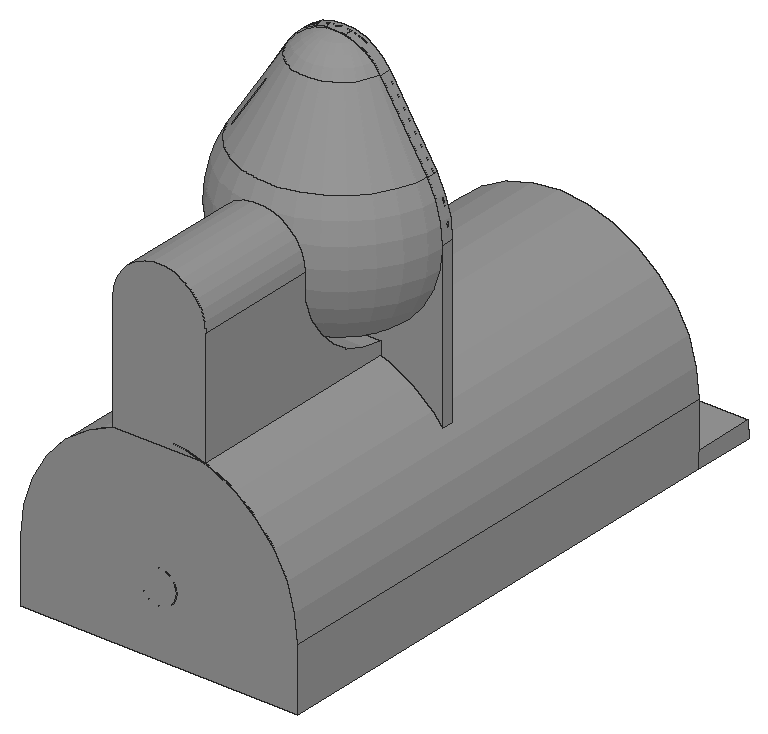
Revit family "Combination-Willoughby-ECF-1806-C-ON", category Plumbing Fixtures, Revit 2015
Parameters (values of type "Standard")
  Waste DIA = 2 3/8"
  Waste Connection = yes
  W-RAD [instance] = Waste DIA / 2  # 0' - 1 3/16"
  Vent Connection = no
  URL = "https://www.willoughby-ind.com/wp-content/uploads/2017/12/1806.pdf"
  Revision = "A"
  Model = "ECF-1806-C-ON"
  Manufacturer = "Willoughby Industries"
  Lav Waste DIA = 1 1/2"
  Lav Waste Connection = yes
  L-RAD [instance] = Lav Waste DIA / 2  # 0' - 0 3/4"
  HW Connection = no
  Flush inlet DIA = 1 1/2"
  Flush Inlet Connection = yes
  Fixture Body = Stainless Steel AISI 304-Willoughby
  F-RAD [instance] = Flush inlet DIA / 2  # 0' - 0 3/4"
  Description = "1806 Combination Unit, Wall toilet waste outlet, Center toilet, On Floor mounted, 1.28 GPM"
  Default Elevation = 0' - 0"
  Contact Number = "(800) 428-4065"
  CW Connection = no
Reference planes (in)
  plane 1 "Center (Front/Back)": y = -16.25
  plane 2: z = 0
  plane 3 "Center (Left/Right)": x = 0
  plane 4 "Base": y = -16.25
  plane 5 "Rim hight": y = -1.5
  plane 6 "Seat height": y = -1.25
  plane 7: y = 20.25
  plane 8 "Waste offset": x = 0
  plane 9 "Waste Hieght": y = -4.75
  plane 10 "Lwaste ht": y = 8
  plane 11 "flush inlet HT": y = 4.25
  plane 12 "Left Sweep": through (12.20051, 0, 16.45051) normal (0.7071, 0, -0.7071)
  plane 13 "Right Sweep": through (-12.20051, 0, 16.45051) normal (0.7071, 0, 0.7071)
  plane 14: through (-55.90549, 0, 60.15549) normal (-0.7071, 0, -0.7071)
  plane 15: x = 6.375
  plane 16: x = 9
  plane 17: z = 4.25
Forms (in)
  Extrusion 1, solid, material "Stainless Steel AISI 304-Willoughby" <- "Fixture Body"
    sketch origin (0, 10.5, -0.375) x (1, 0, 0) y (0, 0, 1)
      loop
        line (6.0079, 24.25317) -> (2.96593, 29.1083)
        arc (2.96593, 29.1083) -> (0, 30.75) -> (-2.96593, 29.1083) r 3.5
        line (-2.96593, 29.1083) -> (-6.0079, 24.25317)
        arc (-6.0079, 24.25317) -> (-6.74742, 22.52422) -> (-7, 20.6608) r 7
        line (-7, 20.6608) -> (-7, 10.11119)
        arc (-7, 10.11119) -> (0.01742, 13.41876) -> (7, 10.03826) r 8.99862
        line (7, 10.03826) -> (7, 20.6608)
        arc (7, 20.6608) -> (6.74742, 22.52422) -> (6.0079, 24.25317) r 7
      loop
        line (4.24214, 22.50332) -> (1.839, 28.03617)
        arc (1.839, 28.03617) -> (0, 29.25) -> (-1.839, 28.03617) r 2
        line (-1.839, 28.03617) -> (-4.24214, 22.50332)
        arc (-4.24214, 22.50332) -> (0, 16.0358) -> (4.24214, 22.50332) r 4.625
    from 11.75 to 12.5
  Revolve 2, solid, material "Stainless Steel AISI 304-Willoughby" <- "Fixture Body"
    sketch origin (0, -1.5, -0.375) x (1, 0, 0) y (0, 0, 1)
      loop
        arc (0, 13.6608) -> (6.08879, 17.20729) -> (6.0079, 24.25317) r 7
        line (6.0079, 24.25317) -> (2.96593, 29.1083)
        arc (2.96593, 29.1083) -> (1.69499, 30.31219) -> (0, 30.75) r 3.5
        line (0, 30.75) -> (0, 30.5)
        arc (0, 30.5) -> (1.57353, 30.09368) -> (2.75361, 28.97631) r 3.25
        line (2.75361, 28.97631) -> (5.71903, 24.24621)
        arc (5.71903, 24.24621) -> (5.9061, 17.39269) -> (0, 13.9108) r 6.75
        line (0, 13.9108) -> (0, 13.6608)
      axis (0, 13.6608) -> (0, 30.75)
    angle from 0 to -180
  Extrusion 3, solid, material "Stainless Steel AISI 304-Willoughby" <- "Fixture Body"
    sketch origin (0, -16.25, 0) x (1, 0, 0) y (0, 0, 1)
      loop
        line (9, 0) -> (9, 1.0625) -> (-9, 1.0625) -> (-9, 0) -> (9, 0)
    from -36.5 to -32.5
  Extrusion 4, solid, material "Stainless Steel AISI 304-Willoughby" <- "Fixture Body", detail levels fine
    sketch origin (0, 0, 0) x (1, 0, 0) y (0, 1, 0)
      loop
        circle (6.375, 4.25) r 0.75
    from 0 to 1
  Extrusion 5, solid, material "Stainless Steel AISI 304-Willoughby" <- "Fixture Body"
    sketch origin (-77.55739, -16.25, -24.30859) x (1, 0, 0) y (0, 0, 1)
      loop
        line (86.55739, 24.30859) -> (86.55739, 28.33218)
        arc (86.55739, 28.33218) -> (77.55739, 37.33218) -> (68.55739, 28.33218) r 9
        line (68.55739, 28.33218) -> (68.55739, 24.30859) -> (86.55739, 24.30859)
    from -32.5 to 0
  Revolve 6, void
    sketch origin (-0.04219, 16.25, -0.04963) x (1, 0, 0) y (0, 0, 1)
      loop
        spline (6.44903, 7.42683) -> (6.2318, 8.59152) -> (5.59494, 9.67683) -> (4.58183, 10.60881) -> (3.26153, 11.32395) -> (1.724, 11.7735) -> (0.07403, 11.92683) -> (-1.57595, 11.7735) -> (-3.11347, 11.32395) -> (-4.43378, 10.60881) -> (-5.44689, 9.67683) -> (-6.08375, 8.59152) -> (-6.30097, 7.42683)
        line (-6.30097, 7.42683) -> (6.44903, 7.42683)
      axis (6.44903, 7.42683) -> (-6.30097, 7.42683)
    angle from 0 to -180
  Extrusion 7, solid, material "Stainless Steel AISI 304-Willoughby" <- "Fixture Body"
    sketch origin (-22.09287, -16.25, -29.80277) x (1, 0, 0) y (0, 0, 1)
      loop
        line (25.09287, 42.31164) -> (25.09287, 49.81164)
        arc (25.09287, 49.81164) -> (22.09287, 52.81164) -> (19.09287, 49.81164) r 3
        line (19.09287, 49.81164) -> (19.09287, 42.31164) -> (25.09287, 42.31164)
    from 0 to -8.02482
  Extrusion 8, solid, material "Stainless Steel AISI 304-Willoughby" <- "Fixture Body"
    sketch origin (0, 0, -0.375) x (0, 1, 0) y (0, 0, 1)
      loop
        line (-8.22518, 12.88387) -> (-2, 12.88387) -> (-2, 13.71556)
        arc (-2, 13.71556) -> (-5.92416, 15.25184) -> (-8.22518, 18.78235) r 6.90673
        line (-8.22518, 18.78235) -> (-8.22518, 12.88387)
    from -3 to 3
  Revolve 9, solid, material "Stainless Steel AISI 304-Willoughby" <- "Fixture Body"
    sketch origin (0, 0, 0) x (0, 1, 0) y (0, 0, 1)
      loop
        line (-16.24302, 4.25) -> (-14.75, 4.25) -> (-14.75, 5.375) -> (-16.24302, 5.375) -> (-16.24302, 4.25)
      axis (-14.75, 4.25) -> (-16.24302, 4.25)
    angle from 0 to -360
  Revolve 10, solid
    sketch origin (0, 0, 0) x (0, 1, 0) y (0, 0, 1)
      loop
        line (8, 0) -> (8, -3) -> (8.75, -3) -> (8.75, 0) -> (8, 0)
      axis (8, 0) -> (8, -3)
    angle from 0 to -360
Cuts and joins
  Revolve 6 cuts Extrusion 5
  joined: Extrusion 7, Extrusion 8
Lines and regions (in)
  model lines, detail levels coarse+medium
    curve 1: line (-9, -16.25, 4.02359) -> (-9, -16.25, 0)
    curve 2: line (-9, -16.25, 0) -> (9, -16.25, 0)
    curve 3: line (9, -16.25, 0) -> (9, -16.25, 4.02359)
  symbolic lines
    curve 4: line (-9, -16.25, 0) -> (9, -16.25, 0)
    curve 5: line (9, -16.25, 0) -> (9, -16.25, 1.0625)
    curve 6: line (9, -16.25, 1.0625) -> (9, -16.25, 4.02359)
    curve 7: arc (9, -16.25, 4.02359) -> (0, -16.25, 13.02359) -> (-9, -16.25, 4.02359) r 9
    curve 8: line (-9, -16.25, 4.02359) -> (-9, -16.25, 1.0625)
    curve 9: line (-9, -16.25, 1.0625) -> (-9, -16.25, 0)
    curve 14: line (-7, -16.25, 9.68045) -> (-7, -16.25, 20.2858)
    curve 15: line (7, -16.25, 9.68045) -> (7, -16.25, 20.2858)
    curve 16: arc (7, -16.25, 20.2858) -> (6.74742, -16.25, 22.14922) -> (6.0079, -16.25, 23.87817) r 7
    curve 17: line (6.0079, -16.25, 23.87817) -> (2.96593, -16.25, 28.7333)
    curve 18: arc (2.96593, -16.25, 28.7333) -> (1.69499, -16.25, 29.93719) -> (0, -16.25, 30.375) r 3.5
    curve 19: arc (0, -16.25, 30.375) -> (-1.69499, -16.25, 29.93719) -> (-2.96593, -16.25, 28.7333) r 3.5
    curve 20: line (-2.96593, -16.25, 28.7333) -> (-5.93085, -16.25, 24.004)
    curve 21: arc (-5.93085, -16.25, 24.004) -> (-6.7274, -16.25, 22.22023) -> (-7, -16.25, 20.2858) r 7
    curve 26: line (0, -16.25, 0) -> (0, 20.25, 0)
    curve 27: line (0, 20.25, 0) -> (0, 20.25, 1.0625)
    curve 28: line (0, 20.25, 1.0625) -> (0, 16.25, 1.0625)
    curve 29: line (0, 16.25, 1.0625) -> (0, 16.25, 13.02359)
    curve 30: line (0, 16.25, 13.02359) -> (0, -16.25, 13.02359)
    curve 31: line (0, -16.25, 13.02359) -> (0, -16.25, 0)
    curve 32: line (0, -2, 13.32164) -> (0, -2, 9.73619)
    curve 33: line (0, -2, 9.73619) -> (0, -1.25, 9.73619)
    curve 34: line (0, -1.25, 9.73619) -> (0, -1.25, 30.375)
    curve 35: line (0, -1.25, 30.375) -> (0, -2, 30.375)
    curve 36: arc (0, -2, 30.375) -> (0, -3.227, 29.90101) -> (0, -4.22155, 29.04016) r 3.83367
    curve 37: line (0, -4.22155, 29.04016) -> (0, -7.5079, 23.87817)
    curve 38: arc (0, -7.5079, 23.87817) -> (0, -8.00701, 22.85106) -> (0, -8.33921, 21.75848) r 7.27316
    curve 39: line (0, -8.33921, 21.75848) -> (0, -16.25, 21.75848)
    curve 40: line (0, -16.25, 21.75848) -> (0, -16.25, 13.02359)
    curve 41: arc (0, -2, 13.32164) -> (0, -6.49123, 15.35022) -> (0, -8.36184, 19.90951) r 6.66639
    curve 42: arc (0, -8.36184, 19.90951) -> (0, -8.39897, 20.83826) -> (0, -8.36184, 21.76701) r 11.63258
    curve 43: line (-9, -16.25, 0) -> (-9, 20.25, 0)
    curve 44: line (-9, 20.25, 0) -> (9, 20.25, 0)
    curve 45: line (9, 20.25, 0) -> (9, -16.25, 0)
    curve 46: line (9, -16.25, 0) -> (-9, -16.25, 0)
    curve 47: line (-9, 16.25, 0) -> (9, 16.25, 0)
    curve 48: line (-7, -2, 0) -> (-7, -1.25, 0)
    curve 49: line (-7, -1.25, 0) -> (7, -1.25, 0)
    curve 50: line (7, -1.25, 0) -> (7, -2, 0)
    curve 51: arc (7, -2, 0) -> (4.76927, -6.62493, 0) -> (0, -8.52761, 0) r 7.08346
    curve 52: arc (0, -8.52761, 0) -> (-4.76851, -6.62412, 0) -> (-7, -2, 0) r 7.08658
    curve 53: line (1.5, -8.35359, 0) -> (1.5, -16.25, 0)
    curve 54: line (-1.5, -16.25, 0) -> (-1.5, -8.35304, 0)
  symbolic lines, detail levels medium+fine
    curve 10: line (-9, -16.25, 1.0625) -> (9, -16.25, 1.0625)
  symbolic lines, detail levels fine
    curve 11: spline (6.40684, -16.25, 7.3772) -> (6.18962, -16.25, 6.21252) -> (5.55275, -16.25, 5.1272) -> (4.53965, -16.25, 4.19522) -> (3.21934, -16.25, 3.48009) -> (1.68181, -16.25, 3.03054) -> (0.03184, -16.25, 2.8772) -> (-1.61813, -16.25, 3.03054) -> (-3.15566, -16.25, 3.48009) -> (-4.47597, -16.25, 4.19522) -> (-5.48907, -16.25, 5.1272) -> (-6.12594, -16.25, 6.21252) -> (-6.34316, -16.25, 7.3772)
    curve 12: spline (-6.34316, -16.25, 7.3772) -> (-6.12594, -16.25, 8.54189) -> (-5.48907, -16.25, 9.6272) -> (-4.47597, -16.25, 10.55918) -> (-3.15566, -16.25, 11.27432) -> (-1.61813, -16.25, 11.72387) -> (0.03184, -16.25, 11.8772) -> (1.68181, -16.25, 11.72387) -> (3.21934, -16.25, 11.27432) -> (4.53965, -16.25, 10.55918) -> (5.55275, -16.25, 9.6272) -> (6.18962, -16.25, 8.54189) -> (6.40684, -16.25, 7.3772)
    curve 13: arc (4.24215, -16.25, 22.1283) -> (-0.00001, -16.25, 15.6608) -> (-4.24214, -16.25, 22.12832) r 4.625
    curve 22: arc (1.83444, -16.25, 27.67176) -> (1.09692, -16.25, 28.54735) -> (0, -16.25, 28.875) r 2
    curve 23: arc (0, -16.25, 28.875) -> (-1.10174, -16.25, 28.54418) -> (-1.839, -16.25, 27.66117) r 2
    curve 24: line (-1.839, -16.25, 27.66117) -> (-4.24214, -16.25, 22.12832)
    curve 25: line (4.24215, -16.25, 22.1283) -> (1.83444, -16.25, 27.67176)
Dimensions and locks (in)
  locked: Extrusion 1 to Extrusion 1 at 0.75
  locked: plane 6 "Seat height" to plane 5 "Rim hight" at 0.25
  plane 6 "Seat height" to plane 4 "Base" = 1' - 3"  (x2)
  plane 10 "Lwaste ht" to plane 4 "Base" = 2' - 0 1/4"
  plane 11 "flush inlet HT" to plane 4 "Base" = 1' - 8 1/2"
  plane 15 to plane 16 = 0' - 2 5/8"
  locked: cut or joined group of Extrusion 5, Revolve 6 to cut or joined group of Extrusion 5, Revolve 6 at 18
  plane 9 "Waste Hieght" to plane 1 "Center (Front/Back)" = 0' - 11 1/2"
  plane 11 "flush inlet HT" to plane 1 "Center (Front/Back)" = 1' - 8 1/2"
  plane 10 "Lwaste ht" to plane 1 "Center (Front/Back)" = 2' - 0 1/4"
  plane 3 "Center (Left/Right)" to plane 16 = 0' - 9"
  cut or joined group of Extrusion 5, Revolve 6 to plane 4 "Base" = 2' - 8 1/2"
  plane 4 "Base" to plane 7 = 3' - 0 1/2"
  Extrusion 3 to Extrusion 3 = 1' - 6"
  "F-RAD": radius of Extrusion 4 sketch curve
  radius of cut or joined group of Extrusion 5, Revolve 6 = 0' - 9"
  aligned and locked: Revolve 2 to plane 5 "Rim hight"
  aligned and locked: Extrusion 1 to plane 6 "Seat height"
  aligned and locked: Extrusion 3 to plane 7
  aligned and locked: plane 11 "flush inlet HT" to Extrusion 4 sketch curve
  aligned and locked: Revolve 6 sketch curve to Revolve 6 sketch curve
  aligned and locked: plane 15 to Extrusion 4 sketch curve
  aligned and locked: curve 1 to cut or joined group of Extrusion 5, Revolve 6
  aligned and locked: curve 3 to cut or joined group of Extrusion 5, Revolve 6
  aligned and locked: Extrusion 3 to cut or joined group of Extrusion 5, Revolve 6
  aligned and locked: Extrusion 3 to level
  aligned and locked: Extrusion 5 to level
  aligned and locked: Extrusion 5 to Extrusion 3
  aligned and locked: Extrusion 5 to plane 16
  aligned and locked: cut or joined group of Extrusion 5, Revolve 6 to Extrusion 3
  aligned and locked: Revolve 9 sketch curve to Revolve 9 sketch curve  (x2)
  aligned and locked: Extrusion 7 to Extrusion 8
  aligned and locked: Extrusion 8 to Extrusion 7  (x2)
  aligned and locked: Revolve 10 sketch curve to Revolve 10 sketch curve  (x2)
Automatic sketch dimensions
  Extrusion 1 sketch curve to Extrusion 1 sketch curve = 0' - 0"  (x10)
  Extrusion 1 sketch curve to plane 3 "Center (Left/Right)" = 0' - 0"  (x2)
  Extrusion 1 sketch curve to plane 3 "Center (Left/Right)" = 0' - 0.02945"
  Extrusion 1 sketch curve to plane 3 "Center (Left/Right)" = 0' - 1.839"
  plane 3 "Center (Left/Right)" to Extrusion 1 sketch curve = 0' - 1.839"
  level to Extrusion 1 sketch curve = 0' - 4.04526"
  Extrusion 1 sketch curve to Extrusion 1 sketch curve = 0' - 5.61801"
  Extrusion 1 sketch curve to Extrusion 1 sketch curve = 0' - 10.54961"
  Extrusion 1 sketch curve to Extrusion 1 sketch curve = 0' - 1.74985"
  Extrusion 1 sketch curve to Extrusion 1 sketch curve = 0' - 4.74668"
  Extrusion 1 sketch curve to Extrusion 1 sketch curve = 0' - 0.78617"
  Extrusion 1 sketch curve to Extrusion 1 sketch curve = 0' - 1.07212"
  Revolve 2 sketch curve to Revolve 2 sketch curve = 0' - 0"  (x2)
  Revolve 2 sketch curve to plane 3 "Center (Left/Right)" = 0' - 0"  (x4)
  Revolve 2 sketch curve to Revolve 2 sketch curve = 0' - 0.21232"
  Revolve 2 sketch curve to Revolve 2 sketch curve = 0' - 0.28887"
  level to Revolve 2 sketch curve = 1' - 1.2858"
  Revolve 2 sketch curve to Revolve 2 sketch curve = 0' - 0 1/4"
  Revolve 2 sketch curve to Revolve 2 sketch curve = 0' - 4.3392"
  Revolve 2 sketch curve to Revolve 2 sketch curve = 0' - 2.4108"
  Revolve 2 sketch curve to Revolve 2 sketch curve = 0' - 3.3392"
  Revolve 2 sketch curve to Revolve 2 sketch curve = 0' - 3 1/4"
  Revolve 2 sketch curve to Revolve 2 sketch curve = 0' - 1.72631"
  Revolve 2 sketch curve to Revolve 2 sketch curve = 0' - 0.13199"
  Extrusion 3 sketch curve to level = 0' - 0"
  level to Extrusion 3 sketch curve = 0' - 1 1/16"
  Extrusion 5 sketch curve to level = 0' - 0"
  plane 3 "Center (Left/Right)" to Extrusion 5 sketch curve = 0' - 0"
  level to Extrusion 5 sketch curve = 0' - 4.02359"
  plane 3 "Center (Left/Right)" to Revolve 6 sketch curve = 0' - 0.03184"
  Revolve 6 sketch curve to Revolve 6 sketch curve = 0' - 0 7/8"
  level to Revolve 6 sketch curve = 0' - 7.3772"
  Revolve 6 sketch curve to Revolve 6 sketch curve = 0' - 5 1/8"
  Extrusion 8 sketch curve to plane 9 "Waste Hieght" = 0' - 3.47518"
  plane 5 "Rim hight" to Extrusion 8 sketch curve = 0' - 0 1/2"
  plane 5 "Rim hight" to Extrusion 8 sketch curve = 0' - 0.06425"
  level to Extrusion 8 sketch curve = 1' - 0.50887"
  Extrusion 8 sketch curve to Extrusion 8 sketch curve = 0' - 0.83168"
  Extrusion 8 sketch curve to Extrusion 8 sketch curve = 0' - 5.89847"
  curve 1 to level = 0' - 0"
  level to curve 1 = 0' - 4.02359"
  Extrusion 1 sketch curve to Extrusion 1 sketch curve = 0' - 1.12693"  (x2)
  Extrusion 1 sketch curve to plane 15 = 0' - 2.13286"
  Extrusion 1 sketch curve to plane 15 = 0' - 0.3671"
  plane 15 to Extrusion 1 sketch curve = 0' - 0 5/8"
  plane 3 "Center (Left/Right)" to Revolve 2 sketch curve = 0' - 2.75361"
  Revolve 2 sketch curve to plane 15 = 0' - 0.65597"
  plane 16 to Extrusion 3 sketch curve = 0' - 0"
  Extrusion 1 sketch curve to plane 3 "Center (Left/Right)" = 0' - 4.24214"
  Extrusion 1 sketch curve to Extrusion 1 sketch curve = 0' - 1.76576"
  Extrusion 1 sketch curve to Extrusion 1 sketch curve = 0' - 2.75786"
  Extrusion 3 sketch curve to plane 3 "Center (Left/Right)" = 0' - 9"
  plane 16 to Extrusion 5 sketch curve = 0' - 0"
  Revolve 6 sketch curve to plane 3 "Center (Left/Right)" = 0' - 6.34316"
  level to curve 3 = 0' - 4.02359"
  curve 13 to curve 16 = 0' - 0"  (x2)
  curve 16 to curve 21 = 0' - 0"  (x2)
  curve 18 to curve 23 = 0' - 0"  (x2)
  curve 19 to curve 22 = 0' - 0"
  curve 22 to curve 23 = 0' - 0"
  curve 18 to plane 3 "Center (Left/Right)" = 0' - 0"
  curve 21 to plane 3 "Center (Left/Right)" = 0' - 0"
  curve 7 to plane 3 "Center (Left/Right)" = 0' - 0"
  plane 16 to curve 6 = 0' - 0"
  curve 5 to level = 0' - 0"
  level to curve 6 = 0' - 1 1/16"
  curve 8 to curve 8 = 0' - 2.96109"
  curve 13 to curve 7 = 1' - 4.2622"
  curve 24 to plane 3 "Center (Left/Right)" = 0' - 4.24214"
  curve 24 to curve 21 = 0' - 1.84253"
  curve 17 to plane 15 = 0' - 0.3671"
  curve 17 to curve 15 = 0' - 3.59237"
  curve 20 to plane 3 "Center (Left/Right)" = 0' - 5.93085"
  curve 20 to curve 24 = 0' - 1.87568"
  curve 18 to curve 24 = 0' - 4.74668"
  curve 24 to curve 23 = 0' - 0.78617"
  plane 3 "Center (Left/Right)" to curve 17 = 0' - 2.96593"
  curve 22 to curve 17 = 0' - 0.1417"
  curve 20 to plane 3 "Center (Left/Right)" = 0' - 2.96593"
  plane 15 to curve 12 = 0' - 0.03184"
  curve 15 to curve 12 = 0' - 2.30324"
  curve 13 to plane 15 = 0' - 2.13285"
  curve 18 to curve 22 = 0' - 1.06154"
  plane 3 "Center (Left/Right)" to curve 25 = 0' - 1.83444"
  plane 3 "Center (Left/Right)" to curve 12 = 0' - 0.03184"
  curve 26 to level = 0' - 0"
  curve 26 to plane 1 "Center (Front/Back)" = 0' - 0"
  curve 34 to plane 6 "Seat height" = 0' - 0"
  curve 28 to plane 7 = 0' - 0"
  curve 39 to plane 9 "Waste Hieght" = 0' - 3.58921"
  curve 39 to curve 37 = 0' - 0.83131"
  plane 9 "Waste Hieght" to curve 37 = 0' - 0.52845"
  plane 5 "Rim hight" to curve 33 = 0' - 0 1/2"
  plane 5 "Rim hight" to curve 35 = 0' - 0 1/2"
  plane 5 "Rim hight" to curve 41 = 0' - 0.19582"
  plane 6 "Seat height" to curve 36 = 0' - 0.00251"
  curve 38 to plane 6 "Seat height" = 0' - 0.01404"
  curve 42 to plane 11 "flush inlet HT" = 0' - 1.0164"
  level to curve 28 = 0' - 1 1/16"
  curve 28 to curve 27 = 0' - 4"
  level to curve 33 = 0' - 9.73619"
  curve 26 to curve 40 = 1' - 1.02359"
  curve 41 to curve 38 = 0' - 0.21447"
  curve 38 to curve 42 = 0' - 0.6427"
  curve 41 to curve 39 = 0' - 1.77739"
  curve 38 to curve 36 = 0' - 6.41935"
  curve 36 to curve 37 = 0' - 2.42525"
  curve 42 to curve 38 = 0' - 0.02263"
  curve 42 to curve 39 = 0' - 0.02263"
  plane 7 to curve 43 = 0' - 0"
  plane 6 "Seat height" to curve 49 = 0' - 0"
  plane 1 "Center (Front/Back)" to curve 54 = 0' - 0"
  curve 51 to plane 3 "Center (Left/Right)" = 0' - 0"
  curve 45 to plane 16 = 0' - 0"
  curve 51 to plane 3 "Center (Left/Right)" = 0' - 0.06164"
  plane 5 "Rim hight" to curve 48 = 0' - 0 1/2"
  curve 46 to plane 3 "Center (Left/Right)" = 0' - 9"
  plane 3 "Center (Left/Right)" to curve 52 = 0' - 0.06452"
  plane 15 to curve 49 = 0' - 0 5/8"
  plane 5 "Rim hight" to curve 50 = 0' - 0 1/2"
  curve 51 to plane 5 "Rim hight" = 0' - 0.05558"
  curve 54 to plane 3 "Center (Left/Right)" = 0' - 1 1/2"
  plane 3 "Center (Left/Right)" to curve 53 = 0' - 1 1/2"
  curve 52 to curve 54 = 0' - 0.17457"
  curve 47 to curve 44 = 0' - 4"
  curve 32 to curve 32 = 0' - 3.58545"
  curve 32 to curve 41 = 0' - 6.65945"
  plane 17 to Revolve 9 sketch curve = 0' - 0"
  Revolve 9 sketch curve to plane 1 "Center (Front/Back)" = 0' - 0.00698"
  Revolve 9 sketch curve to plane 1 "Center (Front/Back)" = 0' - 1 1/2"
  Revolve 9 sketch curve to Revolve 9 sketch curve = 0' - 1 1/8"
  Revolve 9 sketch curve to Revolve 9 sketch curve = 0' - 1.50698"
  Extrusion 7 sketch curve to plane 3 "Center (Left/Right)" = 0' - 0"
  plane 3 "Center (Left/Right)" to Extrusion 7 sketch curve = 0' - 3"
  Extrusion 7 sketch curve to plane 17 = 0' - 8.25887"
  Extrusion 7 sketch curve to Extrusion 7 sketch curve = 0' - 7 1/2"
  Revolve 10 sketch curve to level = 0' - 0"
  Revolve 10 sketch curve to plane 10 "Lwaste ht" = 0' - 0"
  Revolve 10 sketch curve to Revolve 10 sketch curve = 0' - 0 3/4"
  Revolve 10 sketch curve to level = 0' - 3"
  Revolve 10 sketch curve to level = 0' - 1 1/2"
Connectors (in)
  piping at (6.375, 4.25, 1), diameter 1.5, driven by "F-RAD", driven by "Flush Inlet Connection"
    settings: on Extrusion 4, index 3, connector inside diameter 1 1/2", connector length 0' - 0", flow factor 0, pipe flow 0 GPM, pressure drop 0.00 psi, fitting loss kfactor 0, connector angle 0.00°, fixture units 0, engagement length 0' - 0", angle of deflection 0.00°, flow configuration 3, flow direction 1, fitting loss method 0, system type 20, joint type 0, gender type 0, connector reference index -1, connector utility 1, adjustable connector yes, is connector primary yes, connector description "Flush Inlet"
  piping at (0, -16.24302, 4.25), diameter 2.375, driven by "W-RAD", driven by "Waste Connection"
    settings: on Revolve 9, index 4, connector inside diameter 24", connector length 0' - 0", flow factor 0, pipe flow 0 GPM, pressure drop 0.00 psi, fitting loss kfactor 0, connector angle 0.00°, fixture units 0, engagement length 0' - 0", angle of deflection 0.00°, flow configuration 0, flow direction 2, fitting loss method 0, system type 16, joint type 0, gender type 0, connector reference index -1, connector utility 1, adjustable connector no, is connector primary no, connector description "Toilet Waste"
  piping at (0, 8, 0), diameter 1.5, driven by "L-RAD"
    settings: on Revolve 10, index 5, connector inside diameter 24", connector length 0' - 0", flow factor 0, pipe flow 0 GPM, pressure drop 0.00 psi, fitting loss kfactor 0, connector angle 0.00°, fixture units 0, engagement length 0' - 0", angle of deflection 0.00°, flow configuration 0, flow direction 0, fitting loss method 0, system type 7, joint type 0, gender type 0, connector reference index -1, connector utility 0, adjustable connector no, is connector primary no, connector description ""
